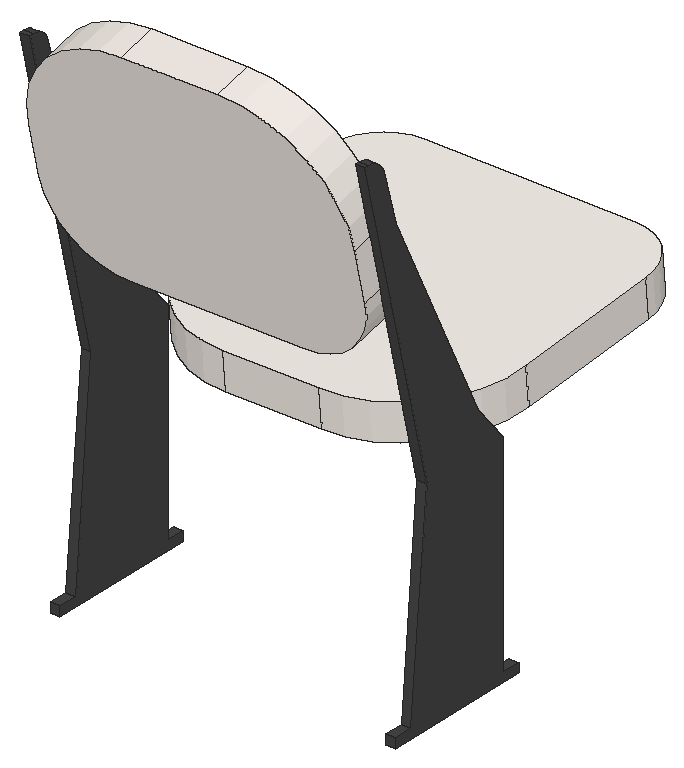
Revit family "M_Assento-Auditório", category Mobiliário, Revit 2019
Family settings
  Número OmniClass = 23.40.50.11.11
  Título OmniClass = Auditorium Seating
  ID de item do Seek = Seating-Auditorium-0000-CAN-ENU
  Com base no plano de trabalho = Não
  Sempre na vertical = Sim
  Corte com vazios quando carregada = Não
  Compartilhado = Sim
  Ponto de cálculo do ambiente = Não
Parameters (values of type "457 x 610mm")
  Assento/Material preto = Linho, Bege
  Material da moldura = Aço, acabamento de pintura, cinza escuro, fosco
Reference planes
  plane 1 "Centro (Frente/Trás)": y = 189.875
  plane 2: z = 0
  plane 3 "Centro (Esquerda/Direita)": x = 160.728
  plane 4: x = 389.328
  plane 5: x = -67.872
  plane 6: y = -114.925
  plane 7: y = 494.675
  plane 8: z = 762
  plane 9: z = 444.5
  plane 10: y = -13.325
  plane 11: y = -64.125
  plane 12: z = 711.2
  plane 13: z = 292.1
  plane 14: z = 342.9
  plane 15: y = 37.475
  plane 16: z = 622.3
  plane 17: z = 711.2
  plane 18: y = -64.331
  plane 19: z = 292.1
  plane 20: through (0, 102.389, 24.872) normal (0, 0.9717, 0.2361)
  plane 21: through (0, -24.112, 275.601) normal (0, 0.0872, -0.9962)
  plane 22: y = 443.875
  plane 23: x = 325.828
  plane 24: x = -4.372
  plane 25 "Assento": z = 334.471
Forms (mm)
  Extrusion 1, solid, material "Aço, acabamento de pintura, cinza escuro, fosco" <- "Material da moldura"
    sketch origin (389.328, 0, 0) x (0, -1, 0) y (0, 0, 1)
      loop
        line (13.325, 0) -> (13.325, 12.7) -> (-12.075, 12.7) -> (-37.475, 292.1) -> (64.125, 711.2) -> (57.884, 711.2)
        arc (57.884, 711.2) -> (42.588, 706.078) -> (33.461, 692.778) r 25.4
        line (33.461, 692.778) -> (13.325, 622.3) -> (-121.849, 342.9) -> (-164.475, 292.1) -> (-164.475, 12.7) -> (-189.875, 12.7) -> (-189.875, 0) -> (13.325, 0)
    from 0 to 12.7
  Extrusion 2, solid, material "Aço, acabamento de pintura, cinza escuro, fosco" <- "Material da moldura"
    sketch origin (-67.872, 0, 0) x (0, -1, 0) y (0, 0, 1)
      loop
        line (-189.875, 0) -> (13.325, 0) -> (13.325, 12.7) -> (-12.075, 12.7) -> (-37.475, 292.1) -> (64.125, 711.2) -> (57.884, 711.2)
        arc (57.884, 711.2) -> (42.588, 706.078) -> (33.461, 692.778) r 25.4
        line (33.461, 692.778) -> (13.325, 622.3) -> (-121.849, 342.9) -> (-164.475, 292.1) -> (-164.475, 12.7) -> (-189.875, 12.7) -> (-189.875, 0)
    from 0 to -12.7
  Extrusion 3, solid, material "Linho, Bege"
    sketch origin (0, -24.112, 275.601) x (0, 0.996195, 0.087156) y (1, 0, 0)
      loop
        line (523.629, 21.028) -> (523.629, 300.428)
        arc (523.629, 300.428) -> (501.311, 354.309) -> (447.429, 376.628) r 76.2
        line (447.429, 376.628) -> (247.217, 376.628)
        arc (247.217, 376.628) -> (139.454, 331.991) -> (94.817, 224.228) r 152.4
        line (94.817, 224.228) -> (94.817, 97.228)
        arc (94.817, 97.228) -> (139.454, -10.535) -> (247.217, -55.172) r 152.4
        line (247.217, -55.172) -> (447.429, -55.172)
        arc (447.429, -55.172) -> (501.311, -32.854) -> (523.629, 21.028) r 76.2
    from 0 to -50.8
  Extrusion 4, solid, material "Linho, Bege" <- "Assento/Material preto"
    sketch origin (0, 102.389, 24.872) x (0, -0.236052, 0.97174) y (1, 0, 0)
      loop
        line (758.507, 97.228) -> (758.507, 224.228)
        arc (758.507, 224.228) -> (713.87, 331.991) -> (606.107, 376.628) r 152.4
        line (606.107, 376.628) -> (534.448, 376.628)
        arc (534.448, 376.628) -> (462.606, 346.87) -> (432.848, 275.028) r 101.6
        line (432.848, 275.028) -> (432.848, 46.428)
        arc (432.848, 46.428) -> (462.606, -25.414) -> (534.448, -55.172) r 101.6
        line (534.448, -55.172) -> (606.107, -55.172)
        arc (606.107, -55.172) -> (713.87, -10.535) -> (758.507, 97.228) r 152.4
    from -25.4 to 25.4
Lines and regions (mm)
  Masking region 1
    outline origin (0, 0, 334.471) x (0, -1, 0) y (1, 0, 0)
      loop
        spline (-222.164, -55.172) -> (-219.453, -55.148) -> (-216.742, -55.075) -> (-214.034, -54.953) -> (-211.328, -54.783) -> (-208.625, -54.565) -> (-205.927, -54.298) -> (-203.233, -53.983) -> (-200.546, -53.619) -> (-197.866, -53.208) -> (-195.194, -52.748) -> (-192.53, -52.241) -> (-189.875, -51.686)
        line (-189.875, -51.686) -> (-189.875, -67.872) -> (64.864, -67.872) -> (64.864, -55.118)
        spline (64.864, -55.118) -> (69.594, -53.814) -> (74.243, -49.926) -> (78.732, -43.52) -> (82.983, -34.705) -> (86.924, -23.632) -> (90.488, -10.491) -> (93.613, 4.493) -> (96.247, 21.064) -> (98.343, 38.939) -> (99.867, 57.811) -> (100.792, 77.359) -> (101.102, 97.246)
        line (101.102, 97.246) -> (101.102, 197.246) -> (100.741, 224.198)
        spline (100.741, 224.198) -> (100.433, 244.086) -> (99.514, 263.634) -> (98.001, 282.507) -> (95.918, 300.383) -> (93.302, 316.954) -> (90.198, 331.939) -> (86.658, 345.081) -> (82.743, 356.154) -> (78.52, 364.969) -> (74.061, 371.376) -> (69.443, 375.264) -> (64.745, 376.567)
        line (64.745, 376.567) -> (64.745, 389.328) -> (-189.875, 389.328) -> (-189.875, 373.141)
        spline (-189.875, 373.141) -> (-192.53, 373.696) -> (-195.194, 374.204) -> (-197.866, 374.663) -> (-200.546, 375.075) -> (-203.233, 375.438) -> (-205.927, 375.754) -> (-208.625, 376.021) -> (-211.328, 376.239) -> (-214.034, 376.409) -> (-216.742, 376.531) -> (-219.453, 376.604) -> (-222.164, 376.628)
        line (-222.164, 376.628) -> (-418.765, 376.628)
        spline (-418.765, 376.628) -> (-428.674, 375.976) -> (-438.412, 374.031) -> (-447.815, 370.827) -> (-456.72, 366.419) -> (-464.976, 360.881) -> (-472.442, 354.309) -> (-478.989, 346.815) -> (-484.505, 338.528) -> (-488.897, 329.588) -> (-492.089, 320.15) -> (-494.026, 310.374) -> (-494.675, 300.428)
        line (-494.675, 300.428) -> (-494.675, 21.028)
        spline (-494.675, 21.028) -> (-494.026, 11.082) -> (-492.089, 1.306) -> (-488.897, -8.133) -> (-484.505, -17.072) -> (-478.989, -25.36) -> (-472.442, -32.854) -> (-464.976, -39.426) -> (-456.72, -44.963) -> (-447.815, -49.372) -> (-438.412, -52.576) -> (-428.674, -54.52) -> (-418.765, -55.172)
        line (-418.765, -55.172) -> (-222.164, -55.172)
  symbolic lines
    curve 1: line (376.628, 215.275, 334.471) -> (376.628, -64.125, 334.471)
    curve 2: line (-55.172, -64.125, 334.471) -> (-55.172, 215.275, 334.471)
    curve 3: line (275.028, 24.897, 334.471) -> (46.428, 24.897, 334.471)
    curve 4: spline (376.628, 0.914, 334.471) -> (375.759, 4.045, 334.471) -> (373.166, 7.121, 334.471) -> (368.894, 10.092, 334.471) -> (363.016, 12.906, 334.471) -> (355.633, 15.514, 334.471) -> (346.87, 17.873, 334.471) -> (336.878, 19.941, 334.471) -> (325.828, 21.684, 334.471) -> (313.909, 23.071, 334.471) -> (301.324, 24.08, 334.471) -> (288.289, 24.692, 334.471) -> (275.028, 24.897, 334.471)
    curve 5: spline (46.428, 24.897, 334.471) -> (33.166, 24.692, 334.471) -> (20.132, 24.08, 334.471) -> (7.547, 23.071, 334.471) -> (-4.372, 21.684, 334.471) -> (-15.422, 19.941, 334.471) -> (-25.414, 17.873, 334.471) -> (-34.177, 15.514, 334.471) -> (-41.56, 12.906, 334.471) -> (-47.438, 10.092, 334.471) -> (-51.71, 7.121, 334.471) -> (-54.303, 4.045, 334.471) -> (-55.172, 0.914, 334.471)
    curve 6: line (224.228, 70.344, 334.471) -> (97.228, 70.344, 334.471)
    curve 7: spline (97.228, 70.344, 334.471) -> (79.98, 71.319, 334.471) -> (62.953, 74.233, 334.471) -> (46.367, 79.048, 334.471) -> (30.434, 85.702, 334.471) -> (15.36, 94.11, 334.471) -> (1.338, 104.163, 334.471) -> (-11.452, 115.732, 334.471) -> (-22.846, 128.67, 334.471) -> (-32.696, 142.808, 334.471) -> (-40.877, 157.967, 334.471) -> (-47.283, 173.95, 334.471) -> (-51.832, 190.553, 334.471)
    curve 8: spline (373.106, 189.715, 334.471) -> (368.486, 173.205, 334.471) -> (362.028, 157.32, 334.471) -> (353.813, 142.261, 334.471) -> (343.947, 128.22, 334.471) -> (332.555, 115.376, 334.471) -> (319.783, 103.894, 334.471) -> (305.793, 93.918, 334.471) -> (290.763, 85.577, 334.471) -> (274.886, 78.977, 334.471) -> (258.363, 74.201, 334.471) -> (241.405, 71.311, 334.471) -> (224.228, 70.344, 334.471)
Dimensions and locks
  equal spacing: plane 5, plane 3 "Centro (Esquerda/Direita)", plane 4
  equal spacing: plane 6, plane 1 "Centro (Frente/Trás)", plane 7
  locked: plane 5 to plane 4 at 457.2
  locked: plane 6 to plane 7 at 609.6
  aligned and locked: Masking region 1 sketch curve to plane 7
Automatic sketch dimensions
  Masking region 1 sketch curve to plane 1 "Centro (Frente/Trás)" = 0.00 mm  (x2)
  Masking region 1 sketch curve to plane 4 = 0.00 mm
  Masking region 1 sketch curve to plane 5 = 0.00 mm
  Masking region 1 sketch curve to plane 5 = 12.70 mm
  plane 22 to Masking region 1 sketch curve = 25.11 mm  (x2)
  Masking region 1 sketch curve to Masking region 1 sketch curve = 0.00 mm  (x2)
  Masking region 1 sketch curve to plane 1 "Centro (Frente/Trás)" = 32.289 mm  (x2)
  plane 4 to Masking region 1 sketch curve = 12.70 mm
  plane 18 to Masking region 1 sketch curve = 0.414 mm
  plane 18 to Masking region 1 sketch curve = 0.533 mm
  Masking region 1 sketch curve to plane 6 = 14.184 mm
  Masking region 1 sketch curve to plane 6 = 13.823 mm
  Masking region 1 sketch curve to plane 5 = 12.754 mm
  Masking region 1 sketch curve to Masking region 1 sketch curve = 16.187 mm  (x2)
  Masking region 1 sketch curve to plane 5 = 88.90 mm
  plane 3 "Centro (Esquerda/Direita)" to Masking region 1 sketch curve = 88.90 mm  (x2)
  Masking region 1 sketch curve to Masking region 1 sketch curve = 25.40 mm
  Masking region 1 sketch curve to Masking region 1 sketch curve = 25.418 mm
  Masking region 1 sketch curve to plane 3 "Centro (Esquerda/Direita)" = 36.518 mm
  Masking region 1 sketch curve to Masking region 1 sketch curve = 26.952 mm
  Masking region 1 sketch curve to plane 3 "Centro (Esquerda/Direita)" = 63.50 mm
  curve 8 to plane 1 "Centro (Frente/Trás)" = 32.289 mm
  curve 7 to plane 5 = 12.70 mm
  curve 7 to plane 1 "Centro (Frente/Trás)" = 32.289 mm
  plane 4 to curve 1 = 12.70 mm
  curve 1 to plane 1 "Centro (Frente/Trás)" = 25.40 mm
  curve 7 to curve 2 = 6.889 mm
  curve 7 to plane 1 "Centro (Frente/Trás)" = 0.678 mm
  plane 1 "Centro (Frente/Trás)" to curve 8 = 0.161 mm
  plane 10 to curve 7 = 83.669 mm
  plane 10 to curve 5 = 38.222 mm
  plane 10 to curve 4 = 14.239 mm
  plane 10 to curve 5 = 14.239 mm
  curve 1 to plane 18 = 0.206 mm
  curve 2 to plane 18 = 0.206 mm
  curve 2 to plane 5 = 12.70 mm
  curve 2 to curve 7 = 3.34 mm
  curve 5 to curve 7 = 50.80 mm
  curve 8 to curve 7 = 25.40 mm
  curve 4 to plane 3 "Centro (Esquerda/Direita)" = 12.70 mm
  curve 8 to plane 3 "Centro (Esquerda/Direita)" = 63.50 mm
